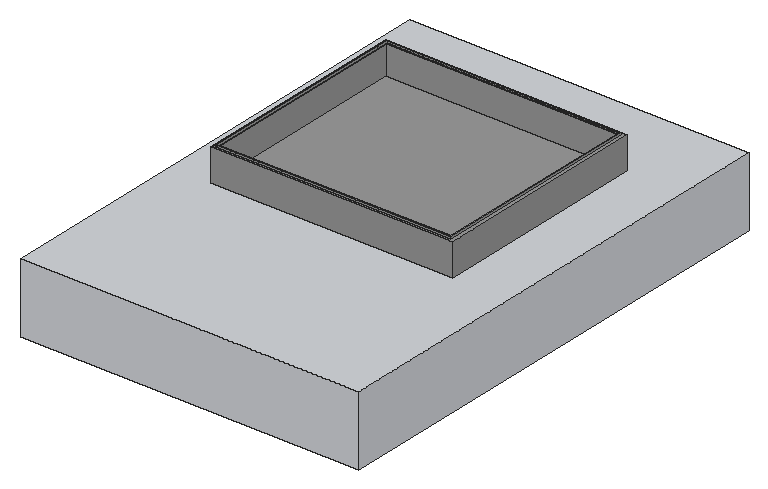
Revit family "Hager-Univers-IP30-D160-H950-Cl.II-FWQ_encl_QS-NL-en", category Equipement électrique, Revit 2020
Family settings
  Hôte = Face
  Configuration du panneau = Deux colonnes, circuits au sein
  Cote de connecteur circulaire = Utiliser le diamètre
  Type d'élément = Tableau de raccordement
  Couper avec des vides une fois chargée = Non
  Partagée = Non
  Point de calcul de pièce = Non
Parameters (values of type "Surface mounted (plaster) IP30 W1050 H950 D160  - FWQ64N1")
  Width Control [instance] = if([EF000008 - Width] > Min Width, [EF000008 - Width], Min Width)  # 1050 mm
  Commentaires du type = [HG000003 - Range]  # "Univers"
  Thickness Door [instance] = if([EF009171 - Material plate thickness door/cover] > 3 mm, 3 mm, [EF009171 - Material plate thickness door/cover])  # 2 mm
  Seal Frame Offset [instance] = 17 mm  # constant formula
  Plinth Visibility [instance] = [HG000027 - Plinth height] > 0 mm  # no
  Model = ""
  Min Width [instance] = 100 mm  # constant formula
  Min Height [instance] = 100 mm  # constant formula
  Min Depth [instance] = (2 * [EF009170 - Material plate thickness cabinet]) + 1 mm  # 5 mm
  Internal Frame Depth [instance] = (Door System Depth * 0.5)  # 9 mm
  Height Control [instance] = if([EF000040 - Height] > Min Height, [EF000040 - Height], Min Height)  # 950 mm
  HG000027 - Plinth height = 0 mm
  HG000026 - Floor standing = no
  HG000024 - Bottom section height = 800 mm
  HG000023 - Double section enclosure = no
  HG000016 - Door 3d visibility [instance] = yes
  HG000015 - Clearance visibility [instance] = no
  HG000014 - Door on the right [instance] = yes
  HG000013 - Door on the left [instance] = not([HG000014 - Door on the right])  # no
  HG000012 - Door swing angle [instance] = 30.00°
  HG000010 - Asymmetric doors = no
  HG000009 - Double swing door = no
  HG000006 - Flush mounted = no
  HG000004 - Manufacturer reference = "FWQ64N1"
  HG000003 - Range = "Univers"
  HG000002 - With door or cover = no
  Frame Offset Bottom [instance] = 10 mm  # constant formula
  Frame Offset [instance] = 15 mm  # constant formula
  EF015940 - Cover with overpressure release = no
  EF011959 - Degree of protection (NEMA) = ""
  EF009554 - Number of openings for flange plates = 8
  EF009212 - Cover model = "EV009916 - With notch"
  EF009171 - Material plate thickness door/cover = 2 mm
  EF009170 - Material plate thickness cabinet = 2 mm
  Fabricant = "Hager"  # constant formula
  EF008873 - Nominal current (In) = 125 A
  EF007800 - Suitable for lightning protection = no
  EF006306 - With lock = no
  EF006244 - Transparent cover/door = no
  EF005474 - Degree of protection (IP) = "EV006410 - IP30"
  EF004464 - Type of door = "EV002646 - Single"
  EF004427 - Number of modules = 192
  EF004293 - Impact strength = "EV006815 - IK09"
  EF003532 - Suitable for outdoor use = no
  EF002950 - Width in number of modular spacings = 48
  EF001613 - Circuit integrity = "EV000494 - None"
  EF001596 - Material housing = "EV000179 - Steel"
  EF001131 - Internal depth = 160 mm
  EF001088 - Extension possible = yes
  EF000437 - Number of conduit inlets = 16
  EF000339 - Type of cover = "EV001012 - Cover"
  EF000266 - Number of rows = 4
  EF000218 - Built-in depth = 0 mm
  EF000118 - With mounting plate = yes
  EF000116 - RAL-number = "9010"
  EF000049 - Depth = 160 mm
  EF000040 - Height = 950 mm
  EF000008 - Width = 1050 mm
  EF000007 - Colour = "EV000202 - White"
  EF000003 - Mounting method = "EV000384 - Surface mounted (plaster)"
  Door System Leaf Tolerance [instance] = 1.5 mm  # constant formula
  Door System Depth [instance] = 18 mm  # constant formula
  Door Height [instance] = Height Control - [HG000027 - Plinth height]  # 950 mm
  Depth Control [instance] = if([EF000049 - Depth] > Min Depth, [EF000049 - Depth], Min Depth)  # 160 mm
  Default Elevation = 0 mm
  Connector Offset [instance] = Height Control / 2  # 475 mm
  Bottom Top Plate Trim [instance] = 1.5 mm  # constant formula
  Plinth height Ctrl [instance] = if([HG000027 - Plinth height] > 0 mm, [HG000027 - Plinth height], 12 mm)  # 12 mm
Reference planes
  plane 1 "Center (Front/Back)": y = 0
  plane 2: z = 0
  plane 3 "Center (Left/Right)": x = 0
  plane 4: z = 160
  plane 5: y = 2
  plane 6: y = 475
  plane 7: y = 0
  plane 8: y = 950
  plane 9: z = 0
  plane 10: x = -510
  plane 11: x = 510
  plane 12: x = 508
  plane 13: x = -508
  plane 14: y = 948
  plane 15: x = -508
  plane 16: x = -525
  plane 17: x = 508
  plane 18: x = 525
  plane 19: x = 523
  plane 20: x = -523
  plane 21: y = 12
  plane 22: y = 950
  plane 23: y = 933
  plane 24: z = 142
  plane 25: z = 2
  plane 26: z = 140
  plane 27: z = 158
Forms (mm)
  Extrusion 1, solid
    sketch origin (0, 0, 0) x (1, 0, 0) y (0, 1, 0)
      loop
        line (-702.964, 1305) -> (-702.964, -811.445) -> (766.763, -811.445) -> (766.763, 1305) -> (-702.964, 1305)
    from 0 to -304.8
  Extrusion 2, solid, material "Hager_Steel_RAL7035_Light_Grey", visible <- "Plinth Visibility", detail levels medium+fine
    sketch origin (0, 0, 0) x (1, 0, 0) y (0, 1, 0)
      loop
        line (-525, 0) -> (525, 0) -> (525, 12) -> (-525, 12) -> (-525, 0)
    from 0 to 142
  Extrusion 3, solid, material "Hager_Steel_RAL7035_Light_Grey", detail levels medium+fine
    sketch origin (0, 0, 0) x (1, 0, 0) y (0, 1, 0)
      loop
        line (-525, 0) -> (525, 0) -> (525, 950) -> (-525, 950) -> (-525, 0)
    from 0 to 142
  Extrusion 4, void
    sketch origin (0, 0, 0) x (1, 0, 0) y (0, 1, 0)
      loop
        line (-523, 2) -> (523, 2) -> (523, 948) -> (-523, 948) -> (-523, 2)
    from 2 to 140
  Extrusion 5, void
    sketch origin (-381.607, -4572, 142) x (0, -1, 0) y (-1, 0, 0)
      loop
        line (-4584, 126.393) -> (-5505, 126.393) -> (-5505, -889.607) -> (-4584, -889.607) -> (-4584, 126.393)
    from 0 to 2 <- "EF009170 - Material plate thickness cabinet"
  Extrusion 6, solid, material "Hager_Steel_RAL7035_Light_Grey", detail levels fine
    sketch origin (0, 0, 142) x (1, 0, 0) y (0, 1, 0)
      loop
        line (-508, 933) -> (-508, 12) -> (508, 12) -> (508, 933) -> (-508, 933)
      loop
        line (-510, 10) -> (510, 10) -> (510, 935) -> (-510, 935) -> (-510, 10)
    from 0 to 9 <- "Internal Frame Depth"
  Extrusion 7, solid, material "Hager_Steel_RAL7035_Light_Grey", detail levels coarse
    sketch origin (0, 0, 0) x (1, 0, 0) y (0, 1, 0)
      loop
        line (-525, 0) -> (525, 0) -> (525, 950) -> (-525, 950) -> (-525, 0)
    from 0 to 160
  Sweep 8, void
    path in 3D
      loop
        line (-525, 12, 0) -> (525, 12, 0) -> (525, 12, 142) -> (-525, 12, 142) -> (-525, 12, 0)
    profile origin (-525, 12, 71) x (-1, 0, 0) y (0, -1, 0)
      loop
        line (0, 0) -> (0, 1.5) -> (-1.5, 1.5)
        arc (-1.5, 1.5) -> (-1.061, 0.439) -> (0, 0) r 1.5
Cuts and joins
  Extrusion 4, Extrusion 5 cuts Extrusion 3
  Sweep 8 cuts Extrusion 2
Lines and regions (mm)
  Masking region 1
    outline origin (0, 0, 0) x (1, 0, 0) y (0, 0, 1)
      loop
        line (-525, 160) -> (-525, 0) -> (525, 0) -> (525, 160) -> (-525, 160)
  Masking region 2, detail levels medium+fine
    outline origin (0, 140, 0) x (0, 1, 0) y (0, 0, 1)
      loop
        line (-140, 0) -> (810, 0) -> (810, 142) -> (-140, 142) -> (-140, 0)
  Masking region 3, not visible, detail levels medium+fine
    outline origin (0, 297.922, 0) x (0, 1, 0) y (0, 0, 1)
      loop
        line (188.578, 0) -> (228.578, 0) -> (228.578, 148)
        arc (228.578, 148) -> (225.649, 155.071) -> (218.578, 158) r 10
        line (218.578, 158) -> (188.578, 158) -> (188.578, 0)
  Masking region 4, detail levels coarse
    outline origin (0, 0, 180) x (0, 1, 0) y (0, 0, 1)
      loop
        line (0, -180) -> (950, -180) -> (950, -20) -> (0, -20) -> (0, -180)
  Masking region 5, visible <- "Plinth Visibility", detail levels medium+fine
    outline origin (0, 52.24, 12.345) x (0, 0, -1) y (0, 1, 0)
      loop
        line (10.845, -40.24) -> (-128.155, -40.24)
        arc (-128.155, -40.24) -> (-128.594, -41.301) -> (-129.655, -41.74) r 1.5
        line (-129.655, -41.74) -> (-129.655, -52.24) -> (12.345, -52.24) -> (12.345, -41.74)
        arc (12.345, -41.74) -> (11.285, -41.301) -> (10.845, -40.24) r 1.5
  Masking region 6, detail levels medium+fine
    outline origin (-381.607, -4572, 142) x (-1, 0, 0) y (0, -1, 0)
      loop
        line (143.393, -5522) -> (143.393, -4572) -> (-906.607, -4572) -> (-906.607, -5522) -> (143.393, -5522)
  Masking region 7, visible <- "Plinth Visibility", detail levels medium+fine
    outline origin (-381.607, -4727, 142) x (-1, 0, 0) y (0, -1, 0)
      loop
        arc (141.893, -4739) -> (142.332, -4737.939) -> (143.393, -4737.5) r 1.5
        line (143.393, -4737.5) -> (143.393, -4727) -> (-906.607, -4727) -> (-906.607, -4737.5)
        arc (-906.607, -4737.5) -> (-905.546, -4737.939) -> (-905.107, -4739) r 1.5
        line (-905.107, -4739) -> (141.893, -4739)
  Masking region 8, detail levels coarse
    outline origin (-442.548, -4669.526, 142) x (-1, 0, 0) y (0, -1, 0)
      loop
        line (82.452, -5619.526) -> (82.452, -4669.526) -> (-967.548, -4669.526) -> (-967.548, -5619.526) -> (82.452, -5619.526)
  sketch lines
    curve 1: line (-525, 12, 142) -> (-525, 12, 0)
    curve 2: line (525, 12, 142) -> (-525, 12, 142)
    curve 3: line (525, 12, 142) -> (525, 12, 0)
    curve 4: line (-525, 12, 0) -> (525, 12, 0)
Dimensions and locks
  "Depth Control": plane 4 to Extrusion 1
  "HG000027 - Plinth height": plane 1 "Center (Front/Back)" to plane 7
  "EF009170 - Material plate thickness cabinet": plane 5 to plane 7
  locked: connector elem to plane 3 "Center (Left/Right)"
  equal spacing: plane 8, plane 6, plane 7
  locked: connector elem to plane 6
  "EF009170 - Material plate thickness cabinet": plane 8 to plane 14
  "EF009170 - Material plate thickness cabinet": plane 10 to plane 13
  "EF009170 - Material plate thickness cabinet": plane 12 to plane 11
  "Frame Offset": plane 20 to plane 13
  "Frame Offset": plane 12 to plane 19
  "EF009170 - Material plate thickness cabinet": plane 16 to plane 20
  "EF009170 - Material plate thickness cabinet": plane 19 to plane 18
  "Seal Frame Offset": plane 16 to plane 15
  "Seal Frame Offset": plane 17 to plane 18
  "Frame Offset Bottom": plane 21 to plane 5
  "Frame Offset": plane 14 to plane 23
  equal spacing: plane 16, plane 3 "Center (Left/Right)", plane 18
  "Width Control": plane 16 to plane 18
  "EF009170 - Material plate thickness cabinet": plane 4 to plane 27
  "EF009170 - Material plate thickness cabinet": plane 24 to plane 26
  "EF009170 - Material plate thickness cabinet": plane 25 to level
  "Door System Depth": plane 4 to plane 24
  "Height Control": plane 1 "Center (Front/Back)" to Extrusion 7 sketch curve
  "Height Control": Masking region 4 sketch curve to plane 1 "Center (Front/Back)"
  "Height Control": plane 1 "Center (Front/Back)" to plane 22
  "Bottom Top Plate Trim": profile plane to Sweep 8 sketch curve
  "Bottom Top Plate Trim": Sweep 8 sketch curve to profile plane
  "Plinth height Ctrl": plane 1 "Center (Front/Back)" to Extrusion 2 sketch curve
  "Plinth height Ctrl": Masking region 5 sketch curve to plane 1 "Center (Front/Back)"
  "Plinth height Ctrl": plane 1 "Center (Front/Back)" to Masking region 7 sketch curve
  "Thickness Door": Extrusion 6 sketch curve to Extrusion 6 sketch curve  (x3)
  "Thickness Door": cut or joined group of Extrusion 3, Extrusion 4, Extrusion 5 to Extrusion 6 sketch curve
  radius of Masking region 3 sketch curve = 10 mm
  "Bottom Top Plate Trim": radius of Masking region 5 sketch curve  (x2)
  "Bottom Top Plate Trim": radius of Sweep 8 sketch curve
  "Bottom Top Plate Trim": radius of Masking region 7 sketch curve  (x2)
  aligned and locked: plane 2 to Extrusion 1
  aligned and locked: level to Extrusion 1
  aligned and locked: level to Masking region 1 sketch curve
  aligned and locked: Masking region 1 sketch curve to plane 18
  aligned and locked: Masking region 1 sketch curve to plane 16
  aligned and locked: plane 7 to Masking region 2 sketch curve
  aligned and locked: level to Masking region 3 sketch curve
  aligned and locked: Masking region 3 sketch curve to plane 27
  aligned and locked: level to Masking region 2 sketch curve
  aligned and locked: plane 1 "Center (Front/Back)" to Extrusion 2 sketch curve
  aligned and locked: Extrusion 3 sketch curve to plane 7
  aligned and locked: plane 16 to Extrusion 3 sketch curve
  aligned and locked: plane 18 to Extrusion 3 sketch curve
  aligned and locked: plane 20 to Extrusion 4 sketch curve
  aligned and locked: plane 19 to Extrusion 4 sketch curve
  aligned and locked: Extrusion 4 sketch curve to plane 5
  aligned and locked: Extrusion 4 to plane 25
  aligned and locked: plane 26 to Extrusion 4
  aligned and locked: plane 24 to Extrusion 3
  aligned and locked: Extrusion 5 sketch curve to plane 21
  aligned and locked: Extrusion 5 sketch curve to plane 13
  aligned and locked: Extrusion 5 sketch curve to plane 12
  aligned and locked: plane 18 to Extrusion 7 sketch curve
  aligned and locked: plane 1 "Center (Front/Back)" to Extrusion 7 sketch curve
  aligned and locked: plane 16 to Extrusion 7 sketch curve
  aligned and locked: plane 4 to Extrusion 7
  aligned and locked: Extrusion 7 to level
  aligned and locked: level to Masking region 4 sketch curve
  aligned and locked: Masking region 4 sketch curve to plane 1 "Center (Front/Back)"
  aligned and locked: Masking region 4 sketch curve to plane 4
  aligned and locked: nested 1 to level
  aligned and locked: nested 1 to plane 16
  aligned and locked: Extrusion 3 sketch curve to plane 8
  aligned and locked: Extrusion 5 sketch curve to plane 23
  aligned and locked: Extrusion 4 sketch curve to plane 14
  aligned and locked: Masking region 2 sketch curve to plane 8
  aligned and locked: level to Masking region 5 sketch curve
  aligned and locked: plane 16 to Extrusion 2 sketch curve
  aligned and locked: plane 18 to Extrusion 2 sketch curve
  aligned and locked: Masking region 5 sketch curve to plane 24
  aligned and locked: Masking region 2 sketch curve to plane 24
  aligned and locked: plane 24 to Extrusion 2
  aligned and locked: profile plane to Sweep 8 sketch curve  (x2)
  aligned and locked: Masking region 6 sketch curve to plane 18
  aligned and locked: Masking region 6 sketch curve to plane 22
  aligned and locked: Masking region 6 sketch curve to plane 16
  aligned and locked: plane 8 to plane 22
  aligned and locked: Masking region 6 sketch curve to plane 7
  aligned and locked: Masking region 7 sketch curve to plane 16
  aligned and locked: Masking region 7 sketch curve to plane 1 "Center (Front/Back)"
  aligned and locked: Masking region 7 sketch curve to plane 18
  aligned and locked: Masking region 8 sketch curve to plane 1 "Center (Front/Back)"
  aligned and locked: Masking region 8 sketch curve to plane 18
  aligned and locked: Masking region 8 sketch curve to plane 22
  aligned and locked: Masking region 8 sketch curve to plane 16
  aligned and locked: nested 2 to plane 7
  aligned and locked: plane 3 "Center (Left/Right)" to nested 2
  aligned and locked: nested 2 to plane 24
  aligned and locked: Extrusion 6 sketch curve to cut or joined group of Extrusion 3, Extrusion 4, Extrusion 5  (x4)
Automatic sketch dimensions
  Extrusion 1 sketch curve to Extrusion 1 sketch curve = 1469.727 mm
  Extrusion 1 sketch curve to Extrusion 1 sketch curve = 2116.445 mm
  Masking region 1 sketch curve to plane 4 = 0 mm
  plane 6 to Masking region 3 sketch curve = 11.5 mm
  Masking region 3 sketch curve to Masking region 3 sketch curve = 30 mm
  Masking region 5 sketch curve to plane 1 "Center (Front/Back)" = 0 mm
Nested families
  nested 1: "Hager_Enclosure_Symbol" at (-525, 0, 0) x (1, 0, 0) z (0, -1, 0), Height <- "Depth Control", Width <- "Width Control", type "Hager_Enclosure_Symbol"
    with Width_Ctrl 1050 mm, Width 1050 mm, Height_Ctrl 160 mm, Height 160 mm, A_Width_Int 10.5 mm, A_Width 126 mm, A_Height_Ctrl 140 mm, A_Height 140 mm
  nested 2: "EC000058_Univers_Door" at (0, 0, 142) x (1, 0, 0) z (0, 1, 0), Leaf_Tolerance <- "Door System Leaf Tolerance", Angle <- "HG000012 - Door swing angle", Door_Depth <- "Door System Depth", Door_Left <- "HG000013 - Door on the left", Transparent <- "EF006244 - Transparent cover/door", Assymetrical <- "HG000010 - Asymmetric doors", Width <- "Width Control", Clearance <- "HG000015 - Clearance visibility", Double <- "HG000009 - Double swing door", 3d_Door <- "HG000016 - Door 3d visibility", Lock_Visibility <- "EF006306 - With lock", Width_Ctrl <- "Width Control", Door_Right <- "HG000014 - Door on the right", Door <- "HG000002 - With door or cover", Height <- "Door Height", Thickness <- "Thickness Door", type "EC000058_Univers_Door", detail levels medium+fine
    with min_wh 5 mm, Width_Ctrl 1050 mm, Width 1050 mm, Transparent no, Thickness 2 mm, Seal_Material Hager_Rubber, Lock_Visibility no, Lock_Material Hager_Plastic_RAL9005_Jet_Black, Leaf_Width 1050 mm, Leaf_Tolerance_External_Sides 0 mm, Leaf_Tolerance 1.5 mm, Leaf_Offset 0 mm, Leaf_Height 947 mm, Leaf_2_Width 1050 mm, Leaf_2_Offset 525 mm, Leaf_1_Width 1050 mm, Leaf_1_Offset 525 mm, Height_Ctrl 950 mm, Height 950 mm, Glass_Material Hager_Glass, Double_Clearance_Ctrl no, Double no, Door_Right_Ctrl no, Door_Right yes, Door_Material Hager_Steel_RAL7035_Light_Grey, Door_Left_Ctrl no, Door_Left no, Door_Depth 18 mm, Door no, Clearance_Material Hager_Clearance, Clearance_Depth 1050 mm, Clearance_Ctrl no, Clearance no, Assymetrical no, Angle 30.00°, 3d_Door yes
Connectors
  electrical at (0, 475, 0)
    settings: on plane 9, index 1, voltage 0 V, apparent load 0 VA, apparent load phase1 0 VA, apparent load phase2 0 VA, apparent load phase3 0 VA, power factor 1, load classification "Other", number of poles 1, system type 30, power factor state 1, is connector primary yes, connector utility no, sub classification motor no, connector description ""
Definition of nested family "Hager_Enclosure_Symbol"
  Parameters (values of type "Hager_Enclosure_Symbol")
    Width_Ctrl [instance] = if(Width > 1 mm, Width, 1 mm)  # 102.27 mm
    Width [instance] = 102.27 mm
    Height_Ctrl [instance] = if(Height > 1 mm, Height, 1 mm)  # 66.5 mm
    A_Width_Int [instance] = if(A_Width / 12 > 2 mm, A_Width / 12, 2 mm)  # 4.364 mm
    A_Width [instance] = if(A_Height_Ctrl * 0.9 > 2 mm, A_Height_Ctrl * 0.9, 2 mm)  # 52.369 mm
    A_Height_Ctrl [instance] = if(A_Height > 2 mm, A_Height, 2 mm)  # 58.188 mm
    Height [instance] = 66.5 mm
    A_Height [instance] = Height - (Height / 8)  # 58.188 mm
  Reference planes
    plane 1 "Centre (avant/arrière)": y = 0
    plane 2: z = 0
    plane 3 "Centre (gauche/droite)": x = 0
    plane 4: x = 52.369
    plane 5: y = 33.042
    plane 6: y = 41.77
    plane 7: y = 66.5
    plane 8: x = 26.184
    plane 9: y = 37.406
    plane 10: x = 102.27
    plane 11: y = 66.5
    plane 12: y = 8.313
  Lines and regions (mm)
    Filled region 1, type "Solid_Black", in view "Niveau de réf."
      outline origin (0, 0, 0) x (1, 0, 0) y (0, 1, 0)
        loop
          line (52.369, 66.5) -> (33.188, 54.536) -> (45.365, 45.006) -> (52.369, 66.5)
    Filled region 2, type "Solid_Black", in view "Niveau de réf."
      outline origin (0, 0, 0) x (1, 0, 0) y (0, 1, 0)
        loop
          line (0, 0) -> (102.27, 0) -> (102.27, 66.5) -> (0, 0)
    detail lines, in view "Niveau de réf."
      curve 1: line (0, 8.313, 0) -> (26.184, 41.77, 0)
      curve 2: line (26.184, 41.77, 0) -> (26.184, 33.042, 0)
      curve 3: line (26.184, 33.042, 0) -> (52.369, 66.5, 0)
  Dimensions and locks
    "A_Width": plane 3 "Centre (gauche/droite)" to plane 4
    equal spacing: plane 3 "Centre (gauche/droite)", plane 8, plane 4
    equal spacing: plane 6, plane 9, plane 5
    equal spacing: curve 3, Filled region 1 sketch curve, Filled region 1 sketch curve
    "Height_Ctrl": plane 1 "Centre (avant/arrière)" to plane 11
    "A_Height_Ctrl": plane 11 to plane 12
    equal spacing: plane 11, plane 9, plane 12
    "A_Width_Int": plane 6 to plane 9
    "Width_Ctrl": plane 3 "Centre (gauche/droite)" to plane 10
    angle Filled region 1 sketch curve to curve 3 = 20.00°
    angle curve 3 to Filled region 1 sketch curve = 20.00°
    locked: curve 3 to Filled region 1 sketch curve (angle 90.00°)
    aligned and locked: plane 10 to Filled region 2
    aligned and locked: plane 11 to Filled region 2 sketch curve
    aligned and locked: plane 10 to Filled region 2 sketch curve
    aligned and locked: plane 3 "Centre (gauche/droite)" to curve 1
    aligned and locked: plane 12 to curve 1
    aligned and locked: plane 7 to plane 11
  Automatic sketch dimensions
    Filled region 1 sketch curve to plane 4 = 0 mm
    Filled region 1 sketch curve to plane 7 = 0 mm
    plane 1 "Centre (avant/arrière)" to Filled region 2 sketch curve = 0 mm
    Filled region 2 sketch curve to plane 3 "Centre (gauche/droite)" = 0 mm
    curve 2 to plane 6 = 0 mm
    curve 2 to plane 8 = 0 mm
    curve 3 to plane 4 = 0 mm
    curve 2 to plane 5 = 0 mm
    curve 3 to plane 7 = 0 mm
Definition of nested family "EC000058_Univers_Door"
  Parameters (values of type "EC000058_Univers_Door")
    min_wh [instance] = (2 * Thickness) + 1 mm  # 11 mm
    Width_Ctrl [instance] = 400 mm
    Width [instance] = 500 mm
    Transparent [instance] = yes
    Thickness [instance] = 5 mm
    Seal_Material [instance] = none
    Lock_Visibility [instance] = yes
    Lock_Material [instance] = none
    Leaf_Width [instance] = if((Width_Ctrl - 2 * Leaf_Tolerance_External_Sides) > 0 mm, (Width_Ctrl - 2 * Leaf_Tolerance_External_Sides), min_wh)  # 400 mm
    Leaf_Tolerance_External_Sides [instance] = 0 mm  # constant formula
    Leaf_Tolerance [instance] = 1.5 mm
    Leaf_Offset [instance] = 0 mm  # constant formula
    Leaf_Height [instance] = if((Height_Ctrl - 2 * Leaf_Tolerance) > 0 mm, (Height_Ctrl - 2 * Leaf_Tolerance), min_wh)  # 497 mm
    Leaf_2_Width [instance] = if(and(and(Double, Assymetrical), Door_Left), (Leaf_Width / 3) - (Leaf_Tolerance / 2), if(and(and(Double, Assymetrical), Door_Right), (Leaf_Width / 3) * 2 - (Leaf_Tolerance / 2), if(and(Double, not(Assymetrical)), (Leaf_Width / 2) - Leaf_Tolerance, Leaf_Width)))  # 400 mm
    Leaf_2_Offset [instance] = if(and(Double, Assymetrical), Leaf_2_Width / 2, if(and(Double, not(Assymetrical)), Leaf_Width / 4, Leaf_Width / 2))  # 200 mm
    Leaf_1_Width [instance] = if(and(and(Double, Assymetrical), Door_Right), (Leaf_Width / 3) - (Leaf_Tolerance / 2), if(and(and(Double, Assymetrical), Door_Left), (Width / 3) * 2 - (Leaf_Tolerance / 2), if(and(Double, not(Assymetrical)), (Leaf_Width / 2) - Leaf_Tolerance, Leaf_Width)))  # 400 mm
    Leaf_1_Offset [instance] = if(and(Double, Assymetrical), Leaf_1_Width / 2, if(and(Double, not(Assymetrical)), Leaf_Width / 4, Leaf_Width / 2))  # 200 mm
    Height_Ctrl [instance] = if(Height > min_wh, Height, min_wh)  # 500 mm
    Height [instance] = 500 mm
    Glass_Material [instance] = none
    Double_Clearance_Ctrl [instance] = and(Double, Clearance)  # no
    Double [instance] = no
    Door_Right_Ctrl [instance] = and(or(Door_Right, Double), Door)  # yes
    Door_Right [instance] = yes
    Door_Material [instance] = none
    Door_Left_Ctrl [instance] = and(or(Door_Left, Double), Door)  # no
    Door_Left [instance] = no
    Door_Depth [instance] = 30 mm
    Door [instance] = yes
    Default Elevation = 1219.2 mm
    Clearance_Material [instance] = none
    Clearance_Depth [instance] = if(Leaf_1_Width > Leaf_2_Width, Leaf_1_Width, Leaf_2_Width)  # 400 mm
    Clearance_Ctrl [instance] = and(not(Double), Clearance)  # yes
    Clearance [instance] = yes
    Assymetrical [instance] = yes
    Angle [instance] = 30.00°
    3d_Door [instance] = yes
  Reference planes
    plane 1 "Center (Front/Back)": y = 0
    plane 2 "Bottom": z = 0
    plane 3 "Center (Left/Right)": x = 0
    plane 4: z = 500
    plane 5: x = -200
    plane 6: x = 200
    plane 7: z = 500
    plane 8: x = -200
    plane 9: z = 0
    plane 10: x = 200
    plane 11: y = 0
    plane 12: z = 1.5
    plane 13: x = -600
    plane 14: y = -400
    plane 15: x = 600
    plane 16: x = 0
    plane 17: x = 0
    plane 18: x = -200
    plane 19: x = 200
    plane 20: z = 498.5
  Forms (mm)
    Extrusion 1, solid, material <- "Clearance_Material", visible <- "Double_Clearance_Ctrl"
      sketch origin (1200, 0, 0) x (1, 0, 0) y (0, 0, -1)
        loop
          line (-1800, -498.5) -> (-600, -498.5) -> (-600, 0) -> (-1800, 0) -> (-1800, -498.5)
      from 0 to -400
  Dimensions and locks
    equal spacing: plane 5, plane 3 "Center (Left/Right)", plane 6
    "Width_Ctrl": plane 5 to plane 6
    "Leaf_Offset": plane 5 to plane 8
    "Leaf_Offset": plane 6 to plane 10
    "Leaf_Offset": plane 9 to level
    "Leaf_Offset": plane 4 to plane 7
    "Height_Ctrl": plane 4 to level
    "Leaf_Tolerance": plane 12 to plane 9
    locked: plane 11 to plane 1 "Center (Front/Back)"
    "Leaf_1_Offset": plane 18 to plane 16
    "Leaf_2_Offset": plane 17 to plane 19
    "Leaf_1_Width": plane 13 to plane 8
    "Leaf_2_Width": plane 10 to plane 15
    "Clearance_Depth": plane 14 to plane 1 "Center (Front/Back)"
    "Leaf_Tolerance_External_Sides": plane 8 to plane 18
    "Leaf_Tolerance_External_Sides": plane 19 to plane 10
    "Leaf_Tolerance": plane 7 to plane 20
    aligned and locked: level to plane 2 "Bottom"
    aligned and locked: nested 1 to plane 16
    aligned and locked: nested 2 to plane 17
    aligned and locked: Extrusion 1 to plane 13
    aligned and locked: plane 15 to Extrusion 1
    aligned and locked: Extrusion 1 to plane 14
    aligned and locked: plane 12 to nested 1
    aligned and locked: nested 2 to plane 12
    aligned and locked: Extrusion 1 to plane 11
    aligned and locked: plane 20 to Extrusion 1
    aligned and locked: nested 2 to plane 11
    aligned and locked: nested 1 to plane 11
  Automatic sketch dimensions
    Extrusion 1 sketch curve to level = 0 mm
    plane 5 to Extrusion 1 sketch curve = 400 mm
    plane 6 to Extrusion 1 sketch curve = 400 mm
    Extrusion 1 sketch curve to plane 4 = 1.5 mm
  Nested families
    nested 1: "EC000058_Univers_Door_Leaf" at (0, 0, 1.5), Width <- "Leaf_1_Width", visible <- "Door_Left_Ctrl", Leaf_Height <- "Leaf_Height", Angle <- "Angle", 3d_Door <- "3d_Door", Transparent <- "Transparent", Clearance Material <- "Clearance_Material", Clearance <- "Clearance_Ctrl", Door_Material <- "Door_Material", Glass_Material <- "Glass_Material", Door_Depth <- "Door_Depth", Lock_Material <- "Lock_Material", Seal_Material <- "Seal_Material", Lock_Visibility <- "Lock_Visibility", Thickness <- "Thickness", type "EC000058_Univers_Door_Leaf"
      with Width 400 mm, Transparent_Glass_Offset 30 mm, Transparent_Ctrl yes, Transparent yes, Thickness 5 mm, Standard no, Seal_Material none, Seal_D2 8 mm, Seal_D1 1 mm, Offset_Internal_Frame 10 mm, Lock_Width 20 mm, Lock_Visibility_3d yes, Lock_Visibility yes, Lock_Thickness_3 3 mm, Lock_Thickness_2 1 mm, Lock_Thickness_1 3 mm, Lock_Radius_Offset_2 16 mm, Lock_Radius_Offset_1 15 mm, Lock_Radius_2 5 mm, Lock_Radius 6 mm, Lock_Offset 5 mm, Lock_Material none, Lock_Height 80 mm, Lock_Cover_Top_Offset_2d 17 mm, Lock_Cover_Height -65 mm, Leaf_Height 497 mm, Internal_Seal_Thickness 8 mm, Internal_Seal_Depth_2 4.5 mm, Internal_Frame_Depth 25 mm, Glass_Thickness -1 mm, Glass_Offset -2 mm, Glass_Material none, Door_Material none, Door_Depth 30 mm, Clearance Material none, Clearance yes, Angle_Ctrl 30.00°, Angle 30.00°, 3d_Door yes
    nested 2: "EC000058_Univers_Door_Leaf" at (0, 0, 1.5) x (-1, 0, 0) z (0, 0, 1), Width <- "Leaf_2_Width", visible <- "Door_Right_Ctrl", Leaf_Height <- "Leaf_Height", Angle <- "Angle", 3d_Door <- "3d_Door", Transparent <- "Transparent", Clearance Material <- "Clearance_Material", Clearance <- "Clearance_Ctrl", Door_Material <- "Door_Material", Glass_Material <- "Glass_Material", Door_Depth <- "Door_Depth", Lock_Material <- "Lock_Material", Seal_Material <- "Seal_Material", Lock_Visibility <- "Lock_Visibility", Thickness <- "Thickness", type "EC000058_Univers_Door_Leaf"
      with Width 400 mm, Transparent_Glass_Offset 30 mm, Transparent_Ctrl yes, Transparent yes, Thickness 5 mm, Standard no, Seal_Material none, Seal_D2 8 mm, Seal_D1 1 mm, Offset_Internal_Frame 10 mm, Lock_Width 20 mm, Lock_Visibility_3d yes, Lock_Visibility yes, Lock_Thickness_3 3 mm, Lock_Thickness_2 1 mm, Lock_Thickness_1 3 mm, Lock_Radius_Offset_2 16 mm, Lock_Radius_Offset_1 15 mm, Lock_Radius_2 5 mm, Lock_Radius 6 mm, Lock_Offset 5 mm, Lock_Material none, Lock_Height 80 mm, Lock_Cover_Top_Offset_2d 17 mm, Lock_Cover_Height -65 mm, Leaf_Height 497 mm, Internal_Seal_Thickness 8 mm, Internal_Seal_Depth_2 4.5 mm, Internal_Frame_Depth 25 mm, Glass_Thickness -1 mm, Glass_Offset -2 mm, Glass_Material none, Door_Material none, Door_Depth 30 mm, Clearance Material none, Clearance yes, Angle_Ctrl 30.00°, Angle 30.00°, 3d_Door yes
  Definition of nested family "EC000058_Univers_Door_Leaf"
    Parameters (values of type "EC000058_Univers_Door_Leaf")
      Width [instance] = 2000 mm
      Transparent_Glass_Offset [instance] = 30 mm
      Transparent_Ctrl [instance] = and(Transparent, [3d_Door])  # yes
      Transparent [instance] = yes
      Thickness [instance] = 5 mm
      Standard [instance] = and(not(Transparent), [3d_Door])  # no
      Seal_Material [instance] = none
      Seal_D2 [instance] = 8 mm  # constant formula
      Seal_D1 [instance] = 1 mm  # constant formula
      Offset_Internal_Frame [instance] = 10 mm  # constant formula
      Lock_Width [instance] = 20 mm  # constant formula
      Lock_Visibility_3d [instance] = and(Lock_Visibility, [3d_Door])  # yes
      Lock_Visibility [instance] = yes
      Lock_Thickness_3 [instance] = 3 mm  # constant formula
      Lock_Thickness_2 [instance] = 1 mm  # constant formula
      Lock_Thickness_1 [instance] = 3 mm  # constant formula
      Lock_Radius_Offset_2 [instance] = Lock_Radius_Offset_1 + 1 mm  # 16 mm
      Lock_Radius_Offset_1 [instance] = 15 mm  # constant formula
      Lock_Radius_2 [instance] = Lock_Radius - 1 mm  # 5 mm
      Lock_Radius [instance] = 6 mm  # constant formula
      Lock_Offset [instance] = 5 mm  # constant formula
      Lock_Material [instance] = none
      Lock_Height [instance] = 80 mm  # constant formula
      Lock_Cover_Top_Offset_2d [instance] = Lock_Radius_Offset_2 + 1 mm  # 17 mm
      Lock_Cover_Height [instance] = -(Lock_Height - Lock_Radius_Offset_1)  # -65 mm
      Leaf_Height [instance] = 2720.336 mm
      Internal_Seal_Thickness [instance] = 8 mm  # constant formula
      Internal_Seal_Depth_2 [instance] = 4.5 mm  # constant formula
      Internal_Frame_Depth [instance] = if(Door_Depth - Thickness > 5 mm, Door_Depth - Thickness, 5 mm)  # 25 mm
      Glass_Thickness [instance] = if(Thickness > 15 mm, Glass_Offset + 10 mm, -1 mm)  # -1 mm
      Glass_Offset [instance] = if(Thickness > 15 mm, -(Thickness + 10 mm) / 2, -2 mm)  # -2 mm
      Glass_Material [instance] = none
      Door_Material [instance] = none
      Door_Depth [instance] = 30 mm
      Default Elevation = 0 mm
      Clearance Material [instance] = none
      Clearance [instance] = yes
      Angle_Ctrl [instance] = if(Angle > 180.00°, 180.00°, Angle)  # 90.00°
      Angle [instance] = 90.00°
      3d_Door [instance] = yes
    Reference planes
      plane 1 "Center (Front/Back)": y = 0
      plane 2: z = 0
      plane 3 "Center (Left/Right)": x = 0
      plane 4: y = 2000
      plane 5: x = -1000
      plane 6: x = 1000
      plane 7: x = -3000
      plane 8: z = 2720.336
      plane 9: z = 30
      plane 10: z = 2690.336
      plane 11: x = 970
      plane 12: x = -970
      plane 13: y = -3
      plane 14: z = 107.833
      plane 15: y = -5
      plane 16: y = -223.314
      plane 17: x = -1000
      plane 18: z = 1360.168
      plane 19: y = 30
    Forms (mm)
      Extrusion 1, solid, material <- "Clearance Material", visible <- "Clearance"
        sketch origin (0, 0, 0) x (1, 0, 0) y (0, 0, 1)
          loop
            line (-3000, 2720.336) -> (-3000, 0) -> (1000, 0) -> (1000, 2720.336) -> (-3000, 2720.336)
        from 0 to -2000
      Extrusion 2, solid, material <- "Door_Material", visible <- "Standard", detail levels medium+fine
        sketch origin (-1000, 0, 0) x (0, 1, 0) y (-1, 0, 0)
          loop
            line (0, 30) -> (0, 25) -> (2000, 25) -> (2000, 30) -> (0, 30)
        from 0 to 2720.336 <- "Leaf_Height"
      Extrusion 3, solid, material <- "Door_Material", visible <- "Transparent_Ctrl", detail levels medium+fine
        sketch origin (-1000, 0, 0) x (0, 1, 0) y (-1, 0, 0)
          loop
            line (0, 25) -> (2000, 25) -> (2000, 30) -> (0, 30) -> (0, 25)
        from 0 to 2720.336 <- "Leaf_Height"
      Extrusion 4, void
        sketch origin (-1025, 2000, 0) x (0, 1, 0) y (0, 0, -1)
          loop
            line (-30, -2690.336) -> (-30, -30) -> (-1970, -30) -> (-1970, -2690.336) -> (-30, -2690.336)
        from 0 to 5 <- "Thickness"
      Sweep 5, solid, material <- "Seal_Material", visible <- "Transparent_Ctrl", detail levels fine
        path in 3D
          loop
            line (-1025, 30, 30) -> (-1025, 30, 2690.336) -> (-1025, 1970, 2690.336) -> (-1025, 1970, 30) -> (-1025, 30, 30)
        profile origin (-1025, 1000, 30) x (1, 0, 0) y (0, 0, 1)
          loop
            line (0, 0) -> (0, -8) -> (1, -8) -> (1, 0) -> (0, 0)
      Extrusion 6, solid, material <- "Glass_Material", visible <- "Transparent_Ctrl", detail levels medium+fine
        sketch origin (-1030, 0, 0) x (0, 1, 0) y (0, 0, -1)
          loop
            line (1970, -2690.336) -> (1970, -30) -> (30, -30) -> (30, -2690.336) -> (1970, -2690.336)
        from -2 <- "Glass_Offset" to -1 <- "Glass_Thickness"
      Extrusion 7, solid, material <- "Door_Material", visible <- "3d_Door", detail levels medium+fine
        sketch origin (-1025, 2000, 0) x (0, -1, 0) y (0, 0, -1)
          loop
            line (0, -2720.336) -> (2000, -2720.336) -> (2000, 0) -> (0, 0) -> (0, -2720.336)
          loop
            line (1995, -5) -> (5, -5) -> (5, -2715.336) -> (1995, -2715.336) -> (1995, -5)
        from 0 to 25 <- "Internal_Frame_Depth"
      Sweep 8, solid, material <- "Seal_Material", visible <- "Transparent_Ctrl", detail levels fine
        path in 3D
          loop
            line (-1025, 0, 0) -> (-1025, 2000, 0) -> (-1025, 2000, 2720.336) -> (-1025, 0, 2720.336) -> (-1025, 0, 0)
        profile origin (-1025, 0, 1360.168) x (1, 0, 0) y (0, 1, 0)
          loop
            line (0, 10) -> (2.975, 10)
            arc (2.975, 10) -> (4.053, 10.447) -> (4.5, 11.525) r 1.525
            line (4.5, 11.525) -> (4.5, 16.527)
            arc (4.5, 16.527) -> (4.069, 17.569) -> (3.027, 18) r 1.473
            line (3.027, 18) -> (0, 18) -> (0, 10)
      Extrusion 9, solid, material <- "Lock_Material", visible <- "Lock_Visibility_3d", detail levels fine
        sketch origin (-1030, 0, 0) x (0, 1, 0) y (0, 0, -1)
          loop
            arc (1993.5, -1400.168) -> (1994.561, -1399.729) -> (1995, -1398.668) r 1.5
            line (1995, -1398.668) -> (1995, -1320.168) -> (1975, -1320.168) -> (1975, -1398.668)
            arc (1975, -1398.668) -> (1975.439, -1399.729) -> (1976.5, -1400.168) r 1.5
            line (1976.5, -1400.168) -> (1993.5, -1400.168)
        from 3 <- "Lock_Thickness_1" to 0
      Blend 10, solid, material <- "Lock_Material", visible <- "Lock_Visibility_3d", detail levels fine
        base sketch origin (-1033, 0, 0) x (0, 1, 0) y (0, 0, -1)
          loop
            line (1975, -1320.168) -> (1975, -1398.668)
            arc (1975, -1398.668) -> (1975.439, -1399.729) -> (1976.5, -1400.168) r 1.5
            line (1976.5, -1400.168) -> (1993.5, -1400.168)
            arc (1993.5, -1400.168) -> (1994.561, -1399.729) -> (1995, -1398.668) r 1.5
            line (1995, -1398.668) -> (1995, -1320.168) -> (1975, -1320.168)
        top sketch origin (-1033, 0, 0) x (0, 1, 0) y (0, 0, -1)
          loop
            line (1976, -1320.168) -> (1976, -1398.668)
            arc (1976, -1398.668) -> (1976.146, -1399.022) -> (1976.5, -1399.168) r 0.5
            line (1976.5, -1399.168) -> (1993.5, -1399.168)
            arc (1993.5, -1399.168) -> (1993.854, -1399.022) -> (1994, -1398.668) r 0.5
            line (1994, -1398.668) -> (1994, -1320.168) -> (1976, -1320.168)
        from 0 to 1 <- "Lock_Thickness_2"
      Blend 11, solid, material <- "Lock_Material", visible <- "Lock_Visibility_3d", detail levels fine
        base sketch origin (-1034, 0, 0) x (0, 1, 0) y (0, 0, -1)
          loop
            line (1978, -1320.168) -> (1978, -1384.168)
            arc (1978, -1384.168) -> (1985, -1391.168) -> (1992, -1384.168) r 7
            line (1992, -1384.168) -> (1992, -1320.168) -> (1978, -1320.168)
        top sketch origin (-1034, 0, 0) x (0, 1, 0) y (0, 0, -1)
          loop
            line (1991, -1320.168) -> (1979, -1320.168) -> (1979, -1383.168)
            arc (1979, -1383.168) -> (1985, -1389.168) -> (1991, -1383.168) r 6
            line (1991, -1383.168) -> (1991, -1320.168)
        from 0 to 3 <- "Lock_Thickness_3"
      Extrusion 12, solid, material <- "Lock_Material", visible <- "Lock_Visibility_3d", detail levels fine
        sketch origin (-1030, 1975, 1320.168) x (1, 0, 0) y (0, -1, 0)
          loop
            line (-7, -19) -> (-7, -1) -> (0, -1) -> (0, 0) -> (-8, 0) -> (-8, -20) -> (0, -20) -> (0, -19) -> (-7, -19)
        from 0 to -65 <- "Lock_Cover_Height"
      Extrusion 13, void
        sketch origin (-1038, 1995, 1320.168) x (-1, 0, 0) y (0, 0, -1)
          loop
            line (-5, -65) -> (0, -65) -> (-5, -60) -> (-5, -65)
        from 0 to 20 <- "Lock_Width"
      Extrusion 14, void
        sketch origin (-1038, 1975, 1320.168) x (0, -1, 0) y (0, 0, -1)
          loop
            circle (-10, -15.995) r 6
          loop
            circle (-10, -15.995) r 5
        from 0 to 2
      Extrusion 15, solid, material <- "Lock_Material", visible <- "Lock_Visibility_3d", detail levels medium
        sketch origin (-1030, 0, 0) x (0, 1, 0) y (0, 0, -1)
          loop
            arc (1993.5, -1400.168) -> (1994.561, -1399.729) -> (1995, -1398.668) r 1.5
            line (1995, -1398.668) -> (1995, -1320.168) -> (1975, -1320.168) -> (1975, -1398.668)
            arc (1975, -1398.668) -> (1975.439, -1399.729) -> (1976.5, -1400.168) r 1.5
            line (1976.5, -1400.168) -> (1993.5, -1400.168)
        from 8 to 0
    Cuts and joins
      Extrusion 4 cuts Extrusion 3
      Extrusion 13, Extrusion 14 cuts Extrusion 9
      Extrusion 14 cuts Blend 11
      Extrusion 13, Extrusion 14 cuts Extrusion 12
      joined: Extrusion 9, Blend 10, Blend 11, Extrusion 12
      Extrusion 14 cuts Extrusion 15
    Lines and regions (mm)
      Masking region 1, visible <- "Lock_Visibility", detail levels fine
        outline origin (0, 0, 0) x (0, 1, 0) y (0, 0, 1)
          loop
            line (30, 1320.168) -> (33, 1320.168) -> (33, 1400.168) -> (30, 1400.168) -> (30, 1320.168)
      Masking region 2, visible <- "Lock_Visibility", detail levels fine
        outline origin (0, 3.143, 0) x (0, 1, 0) y (0, 0, 1)
          loop
            line (29.857, 1354.168) -> (30.857, 1354.168) -> (30.857, 1366.168) -> (29.857, 1366.168) -> (29.857, 1354.168)
      Masking region 3, detail levels medium+fine
        outline origin (0, 0, 0) x (0, 1, 0) y (0, 0, 1)
          loop
            line (0, 0) -> (30, 0) -> (30, 2720.336) -> (0, 2720.336) -> (0, 0)
      Masking region 4, detail levels medium+fine
        outline origin (0, 0, 0) x (1, 0, 0) y (0, 0, 1)
          loop
            line (-1000, 2720.336) -> (-1000, 0) -> (1000, 0) -> (1000, 2720.336) -> (-1000, 2720.336)
      Masking region 5, visible <- "Lock_Visibility", detail levels fine
        outline origin (-47.116, 0, 0) x (1, 0, 0) y (0, 0, 1)
          loop
            arc (1024.616, 1399.168) -> (1023.556, 1398.729) -> (1023.116, 1397.668) r 1.5
            line (1023.116, 1397.668) -> (1023.116, 1320.168) -> (1041.116, 1320.168) -> (1041.116, 1397.668)
            arc (1041.116, 1397.668) -> (1040.677, 1398.729) -> (1039.616, 1399.168) r 1.5
            line (1039.616, 1399.168) -> (1024.616, 1399.168)
      Masking region 6, visible <- "Lock_Visibility", detail levels medium+fine
        outline origin (-25, 0, 0) x (1, 0, 0) y (0, 0, 1)
          loop
            arc (1001.5, 1400.168) -> (1000.439, 1399.729) -> (1000, 1398.668) r 1.5
            line (1000, 1398.668) -> (1000, 1320.168) -> (1020, 1320.168) -> (1020, 1398.668)
            arc (1020, 1398.668) -> (1019.561, 1399.729) -> (1018.5, 1400.168) r 1.5
            line (1018.5, 1400.168) -> (1001.5, 1400.168)
      Masking region 7, visible <- "Lock_Visibility", detail levels fine
        outline origin (-73.735, 0, 0) x (1, 0, 0) y (0, 0, 1)
          loop
            line (1051.735, 1382.168) -> (1065.735, 1382.168) -> (1065.735, 1384.168)
            arc (1065.735, 1384.168) -> (1058.735, 1391.168) -> (1051.735, 1384.168) r 7
            line (1051.735, 1384.168) -> (1051.735, 1382.168)
      Masking region 8, visible <- "Lock_Visibility", detail levels fine
        outline origin (-73.735, 0, 0) x (1, 0, 0) y (0, 0, 1)
          loop
            line (1052.735, 1382.168) -> (1064.735, 1382.168) -> (1064.735, 1383.168)
            arc (1064.735, 1383.168) -> (1058.735, 1389.168) -> (1052.735, 1383.168) r 6
            line (1052.735, 1383.168) -> (1052.735, 1382.168)
      Masking region 9, visible <- "Lock_Visibility", detail levels fine
        outline origin (-25, 0, 0) x (1, 0, 0) y (0, 0, 1)
          loop
            line (1020, 1320.168) -> (1020, 1382.168) -> (1000, 1382.168) -> (1000, 1320.168) -> (1020, 1320.168)
      Masking region 10, detail levels medium+fine
        outline origin (0, 0, 0) x (1, 0, 0) y (0, 0, 1)
          loop
            circle (985, 1335.144) r 6
      Masking region 11, detail levels fine
        outline origin (0, 0, 0) x (1, 0, 0) y (0, 0, 1)
          loop
            circle (985, 1335.144) r 5
      Masking region 12, visible <- "Lock_Visibility", detail levels fine
        outline origin (0, 12.767, 0) x (0, 1, 0) y (0, 0, 1)
          loop
            line (20.233, 1320.168) -> (21.233, 1320.168) -> (21.233, 1399.168) -> (20.233, 1400.168) -> (20.233, 1320.168)
      Masking region 13, visible <- "Lock_Visibility", detail levels fine
        outline origin (0, 13.767, -10) x (0, 1, 0) y (0, 0, 1)
          loop
            line (20.233, 1330.168) -> (23.233, 1330.168) -> (23.233, 1399.168) -> (20.233, 1402.168) -> (20.233, 1330.168)
      Masking region 14, visible <- "Lock_Visibility", detail levels fine
        outline origin (0, 12.767, -10) x (0, 1, 0) y (0, 0, 1)
          loop
            line (20.233, 1330.168) -> (25.233, 1330.168) -> (25.233, 1399.305) -> (20.233, 1394.305) -> (20.233, 1330.168)
      Masking region 15, visible <- "Lock_Visibility", detail levels medium
        outline origin (0, 0, 0) x (0, 1, 0) y (0, 0, 1)
          loop
            line (30, 1320.168) -> (38, 1320.168) -> (38, 1400.168) -> (30, 1400.168) -> (30, 1320.168)
      Masking region 16, visible <- "Lock_Visibility", detail levels fine
        outline origin (-1000, 0, 0) x (0, 1, 0) y (-1, 0, 0)
          loop
            line (1975, 30) -> (1995, 30) -> (1995, 38) -> (1975, 38) -> (1975, 30)
          loop
            line (1979, 37) -> (1976, 37) -> (1976, 34) -> (1978, 34) -> (1979, 37)
          loop
            line (1994, 37) -> (1991, 37) -> (1992, 34) -> (1994, 34) -> (1994, 37)
      Masking region 17, visible <- "Lock_Visibility", detail levels medium
        outline origin (-1000, 0, 0) x (0, 1, 0) y (-1, 0, 0)
          loop
            line (1975, 30) -> (1995, 30) -> (1995, 38) -> (1975, 38) -> (1975, 30)
      symbolic lines
        curve 1: line (1000, 0, 0) -> (-3000, 0, 0)
        curve 2: arc (1000, 0, 0) -> (-1000, 2000, 0) -> (-3000, 0, 0) r 2000
        curve 4: line (-1030, 0, 0) -> (-1030, 2000, 0)
      reference lines
        curve 3: line (-1000, 0, 0) -> (-1000, 2000, 0)
      symbolic lines, detail levels medium+fine
        curve 5: line (-1030, 2000, 0) -> (-1025, 2000, 0)
        curve 7: line (-1025, 0, 0) -> (-1030, 0, 0)
        curve 8: line (-1025, 0, 0) -> (-1000, 0, 0)
        curve 9: line (-1000, 0, 0) -> (-1000, 2000, 0)
        curve 10: line (-1000, 2000, 0) -> (-1025, 2000, 0)
      symbolic lines, detail levels fine
        curve 6: line (-1025, 2000, 0) -> (-1025, 0, 0)
      sketch lines
        curve 11: line (-1025, 0, 2720.336) -> (-1025, 0, 0)
        curve 12: line (-1025, 2000, 0) -> (-1025, 0, 0)
        curve 13: line (-1025, 2000, 2720.336) -> (-1025, 2000, 0)
        curve 14: line (-1025, 0, 2720.336) -> (-1025, 2000, 2720.336)
        curve 15: line (-1025, 1970, 30) -> (-1025, 30, 30)
        curve 16: line (-1025, 30, 30) -> (-1025, 30, 2690.336)
        curve 17: line (-1025, 1970, 2690.336) -> (-1025, 1970, 30)
        curve 18: line (-1025, 30, 2690.336) -> (-1025, 1970, 2690.336)
      symbolic lines, visible <- "Transparent", detail levels medium+fine
        curve 19: line (-970, 0, 2690.336) -> (970, 0, 2690.336)
        curve 20: line (-970, 0, 30) -> (-970, 0, 2690.336)
        curve 21: line (970, 0, 30) -> (-970, 0, 30)
        curve 22: line (970, 0, 2690.336) -> (970, 0, 30)
    Dimensions and locks
      "Width": plane 1 "Center (Front/Back)" to plane 4
      equal spacing: plane 5, plane 3 "Center (Left/Right)", plane 6
      "Width": plane 5 to plane 6
      "Width": plane 7 to plane 5
      "Leaf_Height": plane 8 to level
      "Width": curve 5 to curve 3
      "Width": curve 3 to curve 3
      plane 8 to plane 10 = 30 mm
      plane 9 to level = 30 mm
      plane 12 to plane 5 = 30 mm
      plane 6 to plane 11 = 30 mm
      Extrusion 1 to Extrusion 4 sketch curve = 30 mm
      "Transparent_Glass_Offset": curve 3 to Extrusion 4 sketch curve
      "Transparent_Glass_Offset": Extrusion 4 sketch curve to cut or joined group of Extrusion 3, Extrusion 4  (x2)
      cut or joined group of Extrusion 3, Extrusion 4 to Extrusion 6 sketch curve = 30 mm
      "Transparent_Glass_Offset": cut or joined group of Extrusion 3, Extrusion 4 to Extrusion 4 sketch curve
      "Thickness": curve 6 to curve 4
      "Thickness": Extrusion 7 sketch curve to Extrusion 7 sketch curve  (x4)
      "Door_Depth": curve 4 to curve 3
      "Offset_Internal_Frame": profile plane to Sweep 8 sketch curve
      "Internal_Seal_Thickness": Sweep 8 sketch curve to Sweep 8 sketch curve
      "Internal_Seal_Depth_2": profile plane to Sweep 8 sketch curve
      "Seal_D1": profile plane to Sweep 5 sketch curve
      "Seal_D2": profile plane to Sweep 5 sketch curve
      "Thickness": Extrusion 2 sketch curve to Extrusion 2 sketch curve
      equal spacing: Extrusion 9 sketch curve, plane 18, Extrusion 9 sketch curve  (x2)
      equal spacing: Masking region 1 sketch curve, plane 18, Masking region 1 sketch curve
      "Lock_Height": Masking region 1 sketch curve to Masking region 1 sketch curve
      "Lock_Radius": Masking region 2 sketch curve to plane 18 to Masking region 2 sketch curve
      Masking region 2 sketch curve to Masking region 1 = 1 mm
      "Door_Depth": plane 19 to plane 1 "Center (Front/Back)"
      "Lock_Thickness_1": Masking region 1 sketch curve to plane 19
      "Lock_Width": Extrusion 9 sketch curve to Extrusion 9 sketch curve
      "Lock_Height": Extrusion 9 sketch curve to Extrusion 9 sketch curve
      "Lock_Offset": cut or joined group of Extrusion 3, Extrusion 4 to Extrusion 9 sketch curve
      equal spacing: plane 8, plane 18, level
      "Lock_Radius_Offset_1": Blend 11 sketch curve to Blend 10
      locked: Blend 10 to Blend 11 sketch curve at 2  (x2)
      locked: var sketch to Blend 11 sketch curve at 1  (x2)
      "Lock_Radius_Offset_2": Blend 11 sketch curve to Blend 10
      locked: Extrusion 12 sketch curve to Extrusion 12 sketch curve at 1  (x3)
      Masking region 6 sketch curve to Masking region 6 sketch curve = 80 mm
      "Lock_Height": Masking region 6 sketch curve to Masking region 6 sketch curve
      "Lock_Width": Masking region 6 sketch curve to Masking region 6 sketch curve
      locked: Masking region 6 to Masking region 5 sketch curve at 1  (x3)
      locked: Masking region 5 to Masking region 7 sketch curve at 2  (x2)
      "Lock_Radius_Offset_1": Masking region 5 to Masking region 7 sketch curve
      "Lock_Radius_Offset_2": Masking region 5 to Masking region 8 sketch curve
      locked: Masking region 7 to Masking region 8 sketch curve at 1  (x2)
      "Lock_Cover_Top_Offset_2d": Masking region 5 to Masking region 9 sketch curve
      equal spacing: Masking region 9, Masking region 10 sketch curve, Masking region 9
      equal spacing: Masking region 9, Masking region 11 sketch curve, Masking region 9
      Extrusion 15 sketch curve to Extrusion 15 sketch curve = 80 mm
      "Lock_Width": Extrusion 15 sketch curve to Extrusion 15 sketch curve
      "Lock_Height": Extrusion 15 sketch curve to Extrusion 15 sketch curve
      equal spacing: Extrusion 15 sketch curve, plane 18, Extrusion 15 sketch curve
      "Lock_Thickness_3": Masking region 13 sketch curve to Masking region 13 sketch curve
      "Lock_Height": Masking region 12 sketch curve to Masking region 12 sketch curve
      locked: Masking region 13 sketch curve to Masking region 1 at 8
      locked: Masking region 14 sketch curve to Masking region 13 at 1
      locked: Masking region 14 sketch curve to Masking region 1 at 10.863
      "Lock_Height": Masking region 15 sketch curve to Masking region 15 sketch curve
      "Lock_Offset": Extrusion 15 sketch curve to cut or joined group of Extrusion 3, Extrusion 4
      "Lock_Offset": plane 6 to Masking region 6 sketch curve
      radius of Sweep 8 sketch curve = 1.525 mm
      radius of Sweep 8 sketch curve = 1.473 mm
      radius of Extrusion 9 sketch curve = 1.5 mm  (x2)
      "Lock_Radius": radius of Extrusion 14 sketch curve
      "Lock_Radius_2": radius of Extrusion 14 sketch curve
      "Lock_Radius": radius of Masking region 10 sketch curve
      "Lock_Radius_2": radius of Masking region 11 sketch curve
      radius of Extrusion 15 sketch curve = 1.5 mm  (x2)
      "Angle_Ctrl": angle plane 1 "Center (Front/Back)" to curve 3
      locked: Masking region 12 sketch curve to Masking region 12 sketch curve (angle 45.00°)
      locked: Masking region 13 sketch curve to Masking region 13 sketch curve (angle 45.00°)
      locked: Masking region 14 sketch curve to Masking region 14 sketch curve (angle 45.00°)
      aligned and locked: level to plane 2
      aligned and locked: Extrusion 1 to curve 1
      aligned and locked: plane 6 to Extrusion 1
      aligned and locked: Extrusion 1 to plane 1 "Center (Front/Back)"
      aligned and locked: plane 4 to Extrusion 1
      aligned and locked: plane 8 to Extrusion 1
      aligned and locked: curve 7 to Extrusion 2 sketch curve
      aligned and locked: curve 5 to Extrusion 2 sketch curve
      aligned and locked: curve 7 to Extrusion 3 sketch curve
      aligned and locked: Extrusion 3 sketch curve to curve 4
      aligned and locked: Extrusion 3 sketch curve to curve 6
      aligned and locked: Extrusion 3 sketch curve to curve 5
      aligned and locked: curve 9 to curve 3
      aligned and locked: Extrusion 7 sketch curve to cut or joined group of Extrusion 3, Extrusion 4  (x4)
      aligned and locked: plane 17 to curve 3
      aligned and locked: plane 1 "Center (Front/Back)" to curve 3
      aligned and locked: plane 17 to plane 5
      aligned and locked: Sweep 8 sketch curve to profile plane
      aligned and locked: Sweep 5 sketch curve to profile plane  (x2)
      aligned and locked: Masking region 1 to Masking region 2 sketch curve
      aligned and locked: plane 19 to Masking region 1 sketch curve
      aligned and locked: plane 1 "Center (Front/Back)" to Masking region 3 sketch curve
      aligned and locked: plane 19 to Masking region 3 sketch curve
      aligned and locked: level to Masking region 3 sketch curve
      aligned and locked: Masking region 3 sketch curve to plane 8
      aligned and locked: plane 17 to Masking region 4 sketch curve
      aligned and locked: level to Masking region 4 sketch curve
      aligned and locked: Masking region 4 sketch curve to plane 8
      aligned and locked: plane 12 to curve 20
      aligned and locked: plane 10 to curve 19
      aligned and locked: plane 11 to curve 22
      aligned and locked: curve 21 to plane 9
      aligned and locked: Extrusion 2 sketch curve to cut or joined group of Extrusion 3, Extrusion 4
      aligned and locked: Blend 10 sketch curve to Extrusion 9  (x4)
      aligned and locked: Extrusion 9 to Blend 10 sketch curve
      aligned and locked: Blend 10 to Blend 11 sketch curve
      aligned and locked: Extrusion 12 sketch curve to Blend 11
      aligned and locked: Extrusion 12 sketch curve to Extrusion 9  (x4)
      aligned and locked: Masking region 5 sketch curve to Masking region 6
      aligned and locked: Masking region 9 sketch curve to Masking region 6  (x3)
      aligned and locked: Masking region 12 sketch curve to Masking region 1
      aligned and locked: Masking region 13 sketch curve to Masking region 1
      aligned and locked: Masking region 12 to Masking region 14
      aligned and locked: Masking region 14 sketch curve to Masking region 1
      aligned and locked: Masking region 15 sketch curve to Masking region 14
      aligned and locked: Masking region 13 sketch curve to Masking region 12
      aligned and locked: Masking region 16 sketch curve to cut or joined group of Extrusion 14, Extrusion 15  (x4)
      aligned and locked: Masking region 16 sketch curve to cut or joined group of Extrusion 9, Blend 10, Blend 11, Extrusion 12, Extrusion 13, Extrusion 14  (x6)
      aligned and locked: cut or joined group of Extrusion 9, Blend 10, Blend 11, Extrusion 12, Extrusion 13, Extrusion 14 to Masking region 16 sketch curve
      aligned and locked: Masking region 17 sketch curve to cut or joined group of Extrusion 14, Extrusion 15  (x3)
      aligned and locked: Masking region 17 sketch curve to cut or joined group of Extrusion 9, Blend 10, Blend 11, Extrusion 12, Extrusion 13, Extrusion 14
      aligned and locked: Masking region 9 to Masking region 8 sketch curve
      aligned and locked: Masking region 9 to Masking region 7 sketch curve
    Automatic sketch dimensions
      plane 1 "Center (Front/Back)" to curve 2 = 0 mm
      curve 2 to plane 5 = 0 mm
      Extrusion 1 sketch curve to level = 0 mm
      Extrusion 1 sketch curve to plane 7 = 0 mm
      Extrusion 1 sketch curve to plane 6 = 0 mm
      Extrusion 1 sketch curve to plane 8 = 0 mm
      Extrusion 3 to Extrusion 6 sketch curve = 30 mm  (x4)
      Masking region 4 sketch curve to plane 6 = 0 mm
      Blend 10 sketch curve to Extrusion 9 = 1.5 mm
      Blend 10 sketch curve to Extrusion 9 = 1 mm
      Extrusion 13 sketch curve to Extrusion 12 = 0 mm  (x2)
      Extrusion 12 to Extrusion 13 sketch curve = 3 mm
      Extrusion 13 sketch curve to Extrusion 12 = 5 mm
      Extrusion 14 sketch curve to Extrusion 14 sketch curve = 0 mm  (x2)
      Extrusion 14 sketch curve to Extrusion 12 = 10 mm
      Extrusion 14 sketch curve to Extrusion 12 = 15.995 mm
      Masking region 5 sketch curve to Masking region 5 sketch curve = 1.5 mm  (x2)
      Masking region 10 sketch curve to plane 18 = 25.024 mm
      Masking region 11 sketch curve to plane 18 = 25.024 mm
      plane 19 to Masking region 14 sketch curve = 3 mm
      Masking region 16 sketch curve to Masking region 16 sketch curve = 3 mm
      curve 4 to curve 3 = 0 mm
      Blend 10 to Blend 11 sketch curve = 0 mm
      Masking region 6 sketch curve to Masking region 6 sketch curve = 1.5 mm  (x2)
      Masking region 6 sketch curve to plane 18 = 40 mm
      plane 19 to Masking region 12 sketch curve = 3 mm
      Masking region 12 sketch curve to Masking region 12 sketch curve = 1 mm
      Masking region 15 sketch curve to plane 19 = 0 mm
      Masking region 15 sketch curve to plane 18 = 40 mm
      radius of Blend 10 sketch curve to Extrusion 9 = 1 mm
